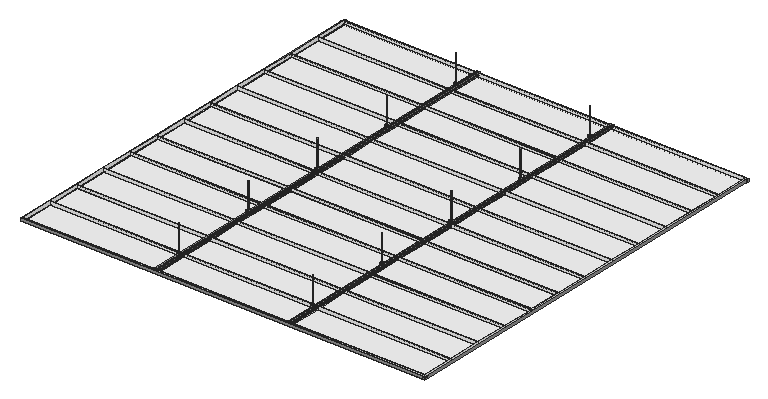
Revit family "FalsoTecho_THU_Bandeja-Sicilia_Estructura simple", category Modelos genéricos, Revit 2016
Family settings
  Tipo de pieza = Normal
  Puede alojar armadura = No
  Cota de conector redondo = Diámetro de uso
  Se basa en plano de trabajo = Sí
  Siempre vertical = No
  Corte con vacíos al cargar = Sí
  Compartido = Sí
  Punto de cálculo de habitación = No
Parameters (values of type "Acero_300x1200")
  Tirantes_Separación real [instance] = (Falso techo_Longitud real - (Tirante inicial_Distancia a extremo * 2)) / (Tirantes_Recuento - 1)  # 775 mm
  Tirantes_Recuento [instance] = (Falso techo_Longitud real - (Tirante inicial_Distancia a extremo * 2)) / Tirante_Separación aproximada + 2  # 5
  Tirante_Separación aproximada [instance] = 1000 mm  # constant formula
  Tirante_Longitud [instance] = THU_Falso techo_Plenum altura + Solape_Perfil y tirante  # 257 mm
  Tirante inicial_Distancia a extremo [instance] = if(Bandejas_Recuento longitudinal < 2, 25 mm, 250 mm)  # 250 mm
  THU_Velo [instance] = no
  THU_Subestructura_Material = "Acero galvanizado"
  THU_Subestructura_Color = THU_Acero galvanizado
  THU_Reacción al fuego = "A2, s1-d0"
  THU_Perfil primario = Perfil_THU_Triangulo : Perfil Triangulo Oculto-Primario
  THU_Falso techo_Área [instance] = Falso techo_Longitud real * Falso techo_Anchura real  # 12.96 m²
  THU_Falso techo_Plenum altura [instance] = 250 mm
  THU_Falso techo_Longitud [instance] = 3500 mm
  THU_Falso techo_Anchura [instance] = 3500 mm
  THU_Falso techo_Altura libre [instance] = 2500 mm
  THU_Bandeja_Material = "Acero"
  THU_Bandeja_Color [instance] = THU_Blanco-Mate
  THU_Bandeja = Bandeja_THU_Sicilia : Acero_300x1200
  THU_Acabado [instance] = Acabado_THU_Bandejas : Liso
  Solape_Perfil y tirante = 7 mm  # constant formula
  Página web del producto = "http://thu.es/producto/bandeja-sicilia-clip-in/"
  Página web del fabricante = "http://thu.es/"
  Perfiles secundarios_Recuento [instance] = Bandejas_Recuento longitudinal - 1  # 11
  Perfiles primarios_Recuento [instance] = Bandejas_Recuento transversal - 1  # 2
  Perfiles perimetrales_Desfase altura = 1 mm  # constant formula
  Perfil_Altura = 30 mm  # constant formula
  Perfil secundario_Longitud [instance] = Falso techo_Anchura real  # 3600 mm
  Perfil secundario_Intereje = 300 mm
  Perfil primario_Longitud [instance] = Falso techo_Longitud real  # 3600 mm
  Perfil primario_Intereje = 1200 mm
  Perfil perimetral_Perfil cornisa [instance] = Perfiles perimetrales_THU : (D)_Perfil cornisa
  Perfil perimetral_L24x24 [instance] = Perfiles perimetrales_THU : (A)_L24x24
  Perfil perimetral_Angular PVC [instance] = Perfiles perimetrales_THU : (F)_Angular PVC
  Perfil perimetral_Anchura [instance] = if(A_L24x24, 24 mm, if(D_Perfil cornisa, 18 mm, if(F_Angular PVC, 28 mm, 24 mm)))  # 24 mm
  Perfil perimetral trans_Longitud [instance] = Perfil secundario_Longitud + (Perfil perimetral_Distancia a bandeja * 2)  # 3624 mm
  Perfil perimetral long_Longitud [instance] = Falso techo_Longitud real - ((Perfil perimetral_Anchura - Perfil perimetral_Distancia a bandeja) * 2)  # 3576 mm
  Perfil perimetral 04 [instance] = yes
  Perfil perimetral 03 [instance] = yes
  Perfil perimetral 02 [instance] = yes
  Perfil perimetral_Distancia a bandeja [instance] = Perfil perimetral_Anchura / 2  # 12 mm
  Perfil perimetral 01 [instance] = yes
  Perfil perimetral [instance] = if(A_L24x24, Perfil perimetral_L24x24, if(D_Perfil cornisa, Perfil perimetral_Perfil cornisa, if(F_Angular PVC, Perfil perimetral_Angular PVC, Perfil perimetral_L24x24)))  # Perfiles perimetrales_THU : (A)_L24x24
  Omniclass = "23-15 19 23 11"
  Número de edición (versión) = 0
  Nombre del objeto = "Bandeja Sicilia"
  NBS Reference Description = "Board suspended ceiling system"
  NBS Reference = "20-10-10/110"
  Model = ""
  Marca = "THU"
  Manual de montaje = ""
  IFC Classification = "IfcCovering (CEILING)"
  Grupo del producto = "Bandejas"
  Ficha técnica = ""
  Ficha resumen = "http://thu.es/wp-content/uploads/datasheets/THU_Techos_metalicos_Bandeja_Sicilia_Clip-in.pdf"
  Fecha de publicación del objeto BIM = ""
  Famila del producto = "Techos metálicos"
  Falso techo_Longitud real [instance] = ((Perfil secundario_Intereje * Bandejas_Recuento longitudinal) - Bandejas_Separación)  # 3600 mm
  Falso techo_Grosor = Bandeja_Descuelgue + Perfil_Altura  # 39 mm
  Falso techo_Anchura real [instance] = ((Perfil primario_Intereje * Bandejas_Recuento transversal) - Bandejas_Separación)  # 3600 mm
  Fabricante = "THU Perfil S.L."
  F_Angular PVC [instance] = no
  Default Elevation = 0 mm
  Descripción = "Bandeja THU de ancho 300 mm y de longitud variable según necesidades (longitud máxima de 2,5 metros) y registrable en cualquier punto. El techo Murano se monta con perfileria oculta THU Murano y rematada perimetralmente sobre angulares de 24 mm. El perfil Murano de 28 mm de ancho y 3,70 m de longitud, fabricado con fleje de acero galvanizado, presenta unas pequeñas alas verticales especialmente diseñadas para el correcto alojamiento de las bandejas Murano."
  Declaración de prestaciones = ""
  D_Perfil cornisa [instance] = no
  Comentarios de tipo = "Bandejas Techo Murano, para ser montadas en interior de edificios con perfilería THU Murano."
  COBie Type Category = "L387 : Suspended ceilings"
  Bandejas_Recuento transversal [instance] = THU_Falso techo_Anchura / Perfil primario_Intereje  # 3
  Bandejas_Recuento longitudinal [instance] = THU_Falso techo_Longitud / Perfil secundario_Intereje  # 12
  Bandejas_Recuento [instance] = Bandejas_Recuento longitudinal * Bandejas_Recuento transversal  # 36
  Bandejas_Separación = 0 mm  # constant formula
  Bandeja_Longitud = Perfil secundario_Intereje - Bandejas_Separación  # 300 mm
  Bandeja_Grosor = 27.6 mm  # constant formula
  Bandeja_Espesor = 1 mm  # constant formula
  Bandeja_Descuelgue = 9 mm  # constant formula
  Bandeja_Anchura = Perfil primario_Intereje - Bandejas_Separación  # 1200 mm
  Bandeja_Desfase inicial = Bandejas_Separación / 2  # 0 mm
  A_L24x24 [instance] = yes
Types (7, lengths in mm): name | THU_Bandeja_Material | THU_Bandeja | Perfiles secundarios_Recuento | Perfiles primarios_Recuento | Perfil secundario_Intereje | Perfil primario_Intereje | Bandejas_Recuento transversal | Bandejas_Recuento longitudinal | Bandejas_Recuento | Bandeja_Longitud | Bandeja_Anchura
  (no name) | "Acero" | Bandeja_THU_Sicilia : Acero_300x1200 | 11 | 2 | 300 | 1200 | 3 | 12 | 36 | 300 | 1200
  Acero_600x600 | "Acero" | Bandeja_THU_Sicilia : Acero_600x600 | 5 | 5 | 600 | 600 | 6 | 6 | 36 | 600 | 600
  Acero_600x1200 | "Acero" | Bandeja_THU_Sicilia : Acero_600x1200 | 5 | 2 | 600 | 1200 | 3 | 6 | 18 | 600 | 1200
  Acero_300x1200 | "Acero" | Bandeja_THU_Sicilia : Acero_300x1200 | 11 | 2 | 300 | 1200 | 3 | 12 | 36 | 300 | 1200
  Aluminio_600x600 | "Aluminio" | Bandeja_THU_Sicilia : Aluminio_600x600 | 5 | 5 | 600 | 600 | 6 | 6 | 36 | 600 | 600
  Aluminio_300x1200 | "Aluminio" | Bandeja_THU_Sicilia : Aluminio_300x1200 | 11 | 2 | 300 | 1200 | 3 | 12 | 36 | 300 | 1200
  Aluminio_600x1200 | "Aluminio" | Bandeja_THU_Sicilia : Aluminio_600x1200 | 5 | 2 | 600 | 1200 | 3 | 6 | 18 | 600 | 1200
Reference planes
  plane 1 "Centro (Frontal/Posterior)": y = 0
  plane 2: z = 0
  plane 3 "Centro (Izquierda/Derecha)": x = 0
  plane 4 "Bandejas_Límite inferior": z = 2500
  plane 5 "Perfiles_Límite inferior": z = 2509
  plane 6 "Perfiles_Límite superior": z = 2539
  plane 7 "Plano de apoyo longitudinal_Separación rastreles": x = 0
  plane 8 "Plano de apoyo transversal_Separación rastreles": y = 0
  plane 9 "Tirantes_Parte superior": z = 2789
  plane 10 "Tirantes_Parte inferior": z = 2532
  plane 11 "Falso techo_Límite derecho": x = 3500
  plane 12 "Falso techo_Límite superior": y = 3500
  plane 13 "Falso techo_Longitud real": y = 3600
  plane 14 "Falso techo_Anchura real": x = 3600
  plane 15 "Perfiles perimetrales_Límite inferior": z = 2499
Text (mm)
  text "AVISO:  La longitud máxima de la Bandeja Murano no puede exceder de 2.5 m. " at (651.206, 393.559, 0), in view "Nivel de referencia", not visible
Dimensions and locks
  "THU_Falso techo_Altura libre": plane 4 "Bandejas_Límite inferior" to level
  "Bandeja_Descuelgue": plane 5 "Perfiles_Límite inferior" to plane 4 "Bandejas_Límite inferior"
  "Perfil_Altura": plane 6 "Perfiles_Límite superior" to plane 5 "Perfiles_Límite inferior"
  "Bandeja_Desfase inicial": plane 7 "Plano de apoyo longitudinal_Separación rastreles" to plane 3 "Centro (Izquierda/Derecha)"
  "Bandeja_Desfase inicial": plane 1 "Centro (Frontal/Posterior)" to plane 8 "Plano de apoyo transversal_Separación rastreles"
  "Solape_Perfil y tirante": plane 6 "Perfiles_Límite superior" to plane 10 "Tirantes_Parte inferior"
  "THU_Falso techo_Plenum altura": plane 9 "Tirantes_Parte superior" to plane 6 "Perfiles_Límite superior"
  "THU_Falso techo_Anchura": plane 7 "Plano de apoyo longitudinal_Separación rastreles" to plane 11 "Falso techo_Límite derecho"
  "THU_Falso techo_Longitud": plane 12 "Falso techo_Límite superior" to plane 8 "Plano de apoyo transversal_Separación rastreles"
  equal spacing: group 3, group 4, group 5, group 6, group 9, group 10, group 11, group 12, group 13, group 14, group 15, group 16  (x3)
  "Bandejas_Separación": nested 3 to nested 2
  group 7 to group 8 = 1200 mm
  group 7 to group 8 = 0 mm  (x2)
  "Perfil primario_Intereje": plane 7 "Plano de apoyo longitudinal_Separación rastreles" to nested 6
  "Perfil primario_Intereje": nested 6 to nested 7
  "Falso techo_Longitud real": plane 1 "Centro (Frontal/Posterior)" to plane 13 "Falso techo_Longitud real"
  "Falso techo_Anchura real": plane 3 "Centro (Izquierda/Derecha)" to plane 14 "Falso techo_Anchura real"
  "Perfil perimetral_Distancia a bandeja": nested 10 to plane 3 "Centro (Izquierda/Derecha)"
  "Perfil perimetral_Distancia a bandeja": nested 10 to plane 1 "Centro (Frontal/Posterior)"
  "Perfil perimetral_Distancia a bandeja": plane 14 "Falso techo_Anchura real" to nested 11
  "Perfil perimetral_Distancia a bandeja": nested 12 to plane 13 "Falso techo_Longitud real"
  "Perfil perimetral_Distancia a bandeja": nested 12 to plane 3 "Centro (Izquierda/Derecha)"
  "Perfiles perimetrales_Desfase altura": plane 4 "Bandejas_Límite inferior" to plane 15 "Perfiles perimetrales_Límite inferior"
  aligned and locked: level to plane 2
  aligned and locked: plane 3 "Centro (Izquierda/Derecha)" to nested 2
  aligned and locked: plane 1 "Centro (Frontal/Posterior)" to nested 2
  aligned and locked: plane 1 "Centro (Frontal/Posterior)" to nested 6
  aligned and locked: nested 6 to plane 5 "Perfiles_Límite inferior"
  aligned and locked: nested 7 to plane 5 "Perfiles_Límite inferior"
  aligned and locked: plane 4 "Bandejas_Límite inferior" to nested 2
  aligned and locked: plane 4 "Bandejas_Límite inferior" to nested 3
  aligned and locked: nested 10 to nested 13
  aligned and locked: nested 13 to nested 10
  aligned and locked: nested 11 to nested 10
Nested families
  nested 1: "Bandeja_THU_Sicilia" at (300, 300, 2500), type <- "THU_Bandeja", type "Acero_300x1200", not visible
    with Vacio_Desfase vertical 1 mm, Vacio_Desfase horizontal der 599 mm, THU_Recuento (ud) 2, THU_Material "Acero", THU_Color none, Bandejas_Separación 0 mm, Bandejas_Recuento transversal 2, Bandeja_Longitud 300 mm, Bandeja_Grosor 34.5 mm, Bandeja_Anchura 600 mm
  nested 2: "Bandeja_THU_Sicilia" at (0, 0, 2500), Bandeja_Anchura <- "Bandeja_Anchura", THU_Color <- "THU_Bandeja_Color", THU_Material <- "THU_Subestructura_Material", Bandeja_Grosor <- "Bandeja_Grosor", Bandeja_Longitud <- "Bandeja_Longitud", Bandejas_Separación <- "Bandejas_Separación", Vacio_Desfase vertical <- "Bandeja_Espesor", Bandejas_Recuento transversal <- "Bandejas_Recuento transversal", type <- "THU_Bandeja", type "Acero_300x1200"
    with Vacio_Desfase vertical 1 mm, Vacio_Desfase horizontal der 1199 mm, THU_Recuento (ud) 3, THU_Material "Acero galvanizado", THU_Color THU_Blanco-Mate, Bandejas_Separación 0 mm, Bandejas_Recuento transversal 3, Bandeja_Longitud 300 mm, Bandeja_Grosor 27.6 mm, Bandeja_Anchura 1200 mm
  nested 3: "Bandeja_THU_Sicilia" at (0, 300, 2500), Bandeja_Anchura <- "Bandeja_Anchura", THU_Color <- "THU_Bandeja_Color", THU_Material <- "THU_Subestructura_Material", Bandeja_Grosor <- "Bandeja_Grosor", Bandeja_Longitud <- "Bandeja_Longitud", Bandejas_Separación <- "Bandejas_Separación", Vacio_Desfase vertical <- "Bandeja_Espesor", Bandejas_Recuento transversal <- "Bandejas_Recuento transversal", type <- "THU_Bandeja", type "Acero_300x1200"
    with Vacio_Desfase vertical 1 mm, Vacio_Desfase horizontal der 1199 mm, THU_Recuento (ud) 3, THU_Material "Acero galvanizado", THU_Color THU_Blanco-Mate, Bandejas_Separación 0 mm, Bandejas_Recuento transversal 3, Bandeja_Longitud 300 mm, Bandeja_Grosor 27.6 mm, Bandeja_Anchura 1200 mm
  nested 4: "Bandeja_THU_Sicilia" at (0, 600, 2500), Bandeja_Anchura <- "Bandeja_Anchura", THU_Color <- "THU_Bandeja_Color", THU_Material <- "THU_Subestructura_Material", Bandeja_Grosor <- "Bandeja_Grosor", Bandeja_Longitud <- "Bandeja_Longitud", Bandejas_Separación <- "Bandejas_Separación", Vacio_Desfase vertical <- "Bandeja_Espesor", Bandejas_Recuento transversal <- "Bandejas_Recuento transversal", type <- "THU_Bandeja", type "Acero_300x1200"
    with Vacio_Desfase vertical 1 mm, Vacio_Desfase horizontal der 1199 mm, THU_Recuento (ud) 3, THU_Material "Acero galvanizado", THU_Color THU_Blanco-Mate, Bandejas_Separación 0 mm, Bandejas_Recuento transversal 3, Bandeja_Longitud 300 mm, Bandeja_Grosor 27.6 mm, Bandeja_Anchura 1200 mm
  nested 5: "Bandeja_THU_Sicilia" at (0, 900, 2500), Bandeja_Anchura <- "Bandeja_Anchura", THU_Color <- "THU_Bandeja_Color", THU_Material <- "THU_Subestructura_Material", Bandeja_Grosor <- "Bandeja_Grosor", Bandeja_Longitud <- "Bandeja_Longitud", Bandejas_Separación <- "Bandejas_Separación", Vacio_Desfase vertical <- "Bandeja_Espesor", Bandejas_Recuento transversal <- "Bandejas_Recuento transversal", type <- "THU_Bandeja", type "Acero_300x1200"
    with Vacio_Desfase vertical 1 mm, Vacio_Desfase horizontal der 1199 mm, THU_Recuento (ud) 3, THU_Material "Acero galvanizado", THU_Color THU_Blanco-Mate, Bandejas_Separación 0 mm, Bandejas_Recuento transversal 3, Bandeja_Longitud 300 mm, Bandeja_Grosor 27.6 mm, Bandeja_Anchura 1200 mm
  nested 6: "Perfil_THU_Triangulo" at (1200, 0, 2509), Tirante inicial_Distancia a extremo <- "Tirante inicial_Distancia a extremo", Tirante_Longitud <- "Tirante_Longitud", Tirantes_Recuento <- "Tirantes_Recuento", THU_Color <- "THU_Subestructura_Color", THU_Material <- "THU_Subestructura_Material", Perfil_Longitud <- "Perfil primario_Longitud", Perfil_Altura <- "Perfil_Altura", type <- "THU_Perfil primario", type "Perfil Triangulo Oculto-Primario"
    with Tirantes_Recuento 5, Tirante_Longitud 257 mm, Tirante inicial_Distancia a extremo 250 mm, THU_Recuento (ml) 3600 mm, THU_Material "Acero galvanizado", THU_Color THU_Acero galvanizado, Perfil_Longitud 3600 mm, Perfil_Grosor superior 10.3 mm, Perfil_Grosor base 1 mm, Perfil_Altura alma 18.7 mm, Perfil_Altura 30 mm
  nested 7: "Perfil_THU_Triangulo" at (2400, 0, 2509), Tirante inicial_Distancia a extremo <- "Tirante inicial_Distancia a extremo", Tirante_Longitud <- "Tirante_Longitud", Tirantes_Recuento <- "Tirantes_Recuento", THU_Color <- "THU_Subestructura_Color", THU_Material <- "THU_Subestructura_Material", Perfil_Longitud <- "Perfil primario_Longitud", Perfil_Altura <- "Perfil_Altura", type <- "THU_Perfil primario", type "Perfil Triangulo Oculto-Primario"
    with Tirantes_Recuento 5, Tirante_Longitud 257 mm, Tirante inicial_Distancia a extremo 250 mm, THU_Recuento (ml) 3600 mm, THU_Material "Acero galvanizado", THU_Color THU_Acero galvanizado, Perfil_Longitud 3600 mm, Perfil_Grosor superior 10.3 mm, Perfil_Grosor base 1 mm, Perfil_Altura alma 18.7 mm, Perfil_Altura 30 mm
  nested 8: "Bandeja_THU_Sicilia" at (0, 1200, 2500), Bandeja_Anchura <- "Bandeja_Anchura", THU_Color <- "THU_Bandeja_Color", THU_Material <- "THU_Subestructura_Material", Bandeja_Grosor <- "Bandeja_Grosor", Bandeja_Longitud <- "Bandeja_Longitud", Bandejas_Separación <- "Bandejas_Separación", Vacio_Desfase vertical <- "Bandeja_Espesor", Bandejas_Recuento transversal <- "Bandejas_Recuento transversal", type <- "THU_Bandeja", type "Acero_300x1200"
    with Vacio_Desfase vertical 1 mm, Vacio_Desfase horizontal der 1199 mm, THU_Recuento (ud) 3, THU_Material "Acero galvanizado", THU_Color THU_Blanco-Mate, Bandejas_Separación 0 mm, Bandejas_Recuento transversal 3, Bandeja_Longitud 300 mm, Bandeja_Grosor 27.6 mm, Bandeja_Anchura 1200 mm
  nested 9: "Bandeja_THU_Sicilia" at (0, 1500, 2500), Bandeja_Anchura <- "Bandeja_Anchura", THU_Color <- "THU_Bandeja_Color", THU_Material <- "THU_Subestructura_Material", Bandeja_Grosor <- "Bandeja_Grosor", Bandeja_Longitud <- "Bandeja_Longitud", Bandejas_Separación <- "Bandejas_Separación", Vacio_Desfase vertical <- "Bandeja_Espesor", Bandejas_Recuento transversal <- "Bandejas_Recuento transversal", type <- "THU_Bandeja", type "Acero_300x1200"
    with Vacio_Desfase vertical 1 mm, Vacio_Desfase horizontal der 1199 mm, THU_Recuento (ud) 3, THU_Material "Acero galvanizado", THU_Color THU_Blanco-Mate, Bandejas_Separación 0 mm, Bandejas_Recuento transversal 3, Bandeja_Longitud 300 mm, Bandeja_Grosor 27.6 mm, Bandeja_Anchura 1200 mm
  nested 10: "Perfiles perimetrales_THU" at (-12, -12, 2499) x (0, 1, 0) z (0, 0, 1), THU_Color <- "THU_Subestructura_Color", THU_Material <- "THU_Subestructura_Material", Perfil_Anchura <- "Perfil perimetral_Anchura", type <- "Perfil perimetral", visible <- "Perfil perimetral 01", Perfil_Longitud <- "Perfil perimetral trans_Longitud", type "(A)_L24x24"
    with THU_Recuento (ml) 3624 mm, THU_Material "Acero galvanizado", THU_Color THU_Acero galvanizado, Perfil_Longitud 3624 mm, Perfil_Anchura 24 mm
  nested 11: "Perfiles perimetrales_THU" at (3612, 12, 2499) x (-1, 0, 0) z (0, 0, 1), THU_Color <- "THU_Subestructura_Color", THU_Material <- "THU_Subestructura_Material", Perfil_Anchura <- "Perfil perimetral_Anchura", type <- "Perfil perimetral", visible <- "Perfil perimetral 02", Perfil_Longitud <- "Perfil perimetral long_Longitud", type "(A)_L24x24"
    with THU_Recuento (ml) 3576 mm, THU_Material "Acero galvanizado", THU_Color THU_Acero galvanizado, Perfil_Longitud 3576 mm, Perfil_Anchura 24 mm
  nested 12: "Perfiles perimetrales_THU" at (-12, 3612, 2499) x (0, -1, 0) z (0, 0, 1), THU_Color <- "THU_Subestructura_Color", THU_Material <- "THU_Subestructura_Material", Perfil_Anchura <- "Perfil perimetral_Anchura", type <- "Perfil perimetral", visible <- "Perfil perimetral 03", Perfil_Longitud <- "Perfil perimetral trans_Longitud", type "(A)_L24x24"
    with THU_Recuento (ml) 3624 mm, THU_Material "Acero galvanizado", THU_Color THU_Acero galvanizado, Perfil_Longitud 3624 mm, Perfil_Anchura 24 mm
  nested 13: "Perfiles perimetrales_THU" at (-12, 12, 2499), THU_Color <- "THU_Subestructura_Color", THU_Material <- "THU_Subestructura_Material", Perfil_Anchura <- "Perfil perimetral_Anchura", type <- "Perfil perimetral", visible <- "Perfil perimetral 04", Perfil_Longitud <- "Perfil perimetral long_Longitud", type "(A)_L24x24"
    with THU_Recuento (ml) 3576 mm, THU_Material "Acero galvanizado", THU_Color THU_Acero galvanizado, Perfil_Longitud 3576 mm, Perfil_Anchura 24 mm
  nested 14: "Bandeja_THU_Sicilia" at (0, 1800, 2500), Bandeja_Anchura <- "Bandeja_Anchura", THU_Color <- "THU_Bandeja_Color", THU_Material <- "THU_Subestructura_Material", Bandeja_Grosor <- "Bandeja_Grosor", Bandeja_Longitud <- "Bandeja_Longitud", Bandejas_Separación <- "Bandejas_Separación", Vacio_Desfase vertical <- "Bandeja_Espesor", Bandejas_Recuento transversal <- "Bandejas_Recuento transversal", type <- "THU_Bandeja", type "Acero_300x1200"
    with Vacio_Desfase vertical 1 mm, Vacio_Desfase horizontal der 1199 mm, THU_Recuento (ud) 3, THU_Material "Acero galvanizado", THU_Color THU_Blanco-Mate, Bandejas_Separación 0 mm, Bandejas_Recuento transversal 3, Bandeja_Longitud 300 mm, Bandeja_Grosor 27.6 mm, Bandeja_Anchura 1200 mm
  nested 15: "Bandeja_THU_Sicilia" at (0, 2100, 2500), Bandeja_Anchura <- "Bandeja_Anchura", THU_Color <- "THU_Bandeja_Color", THU_Material <- "THU_Subestructura_Material", Bandeja_Grosor <- "Bandeja_Grosor", Bandeja_Longitud <- "Bandeja_Longitud", Bandejas_Separación <- "Bandejas_Separación", Vacio_Desfase vertical <- "Bandeja_Espesor", Bandejas_Recuento transversal <- "Bandejas_Recuento transversal", type <- "THU_Bandeja", type "Acero_300x1200"
    with Vacio_Desfase vertical 1 mm, Vacio_Desfase horizontal der 1199 mm, THU_Recuento (ud) 3, THU_Material "Acero galvanizado", THU_Color THU_Blanco-Mate, Bandejas_Separación 0 mm, Bandejas_Recuento transversal 3, Bandeja_Longitud 300 mm, Bandeja_Grosor 27.6 mm, Bandeja_Anchura 1200 mm
  nested 16: "Bandeja_THU_Sicilia" at (0, 2400, 2500), Bandeja_Anchura <- "Bandeja_Anchura", THU_Color <- "THU_Bandeja_Color", THU_Material <- "THU_Subestructura_Material", Bandeja_Grosor <- "Bandeja_Grosor", Bandeja_Longitud <- "Bandeja_Longitud", Bandejas_Separación <- "Bandejas_Separación", Vacio_Desfase vertical <- "Bandeja_Espesor", Bandejas_Recuento transversal <- "Bandejas_Recuento transversal", type <- "THU_Bandeja", type "Acero_300x1200"
    with Vacio_Desfase vertical 1 mm, Vacio_Desfase horizontal der 1199 mm, THU_Recuento (ud) 3, THU_Material "Acero galvanizado", THU_Color THU_Blanco-Mate, Bandejas_Separación 0 mm, Bandejas_Recuento transversal 3, Bandeja_Longitud 300 mm, Bandeja_Grosor 27.6 mm, Bandeja_Anchura 1200 mm
  nested 17: "Bandeja_THU_Sicilia" at (0, 2700, 2500), Bandeja_Anchura <- "Bandeja_Anchura", THU_Color <- "THU_Bandeja_Color", THU_Material <- "THU_Subestructura_Material", Bandeja_Grosor <- "Bandeja_Grosor", Bandeja_Longitud <- "Bandeja_Longitud", Bandejas_Separación <- "Bandejas_Separación", Vacio_Desfase vertical <- "Bandeja_Espesor", Bandejas_Recuento transversal <- "Bandejas_Recuento transversal", type <- "THU_Bandeja", type "Acero_300x1200"
    with Vacio_Desfase vertical 1 mm, Vacio_Desfase horizontal der 1199 mm, THU_Recuento (ud) 3, THU_Material "Acero galvanizado", THU_Color THU_Blanco-Mate, Bandejas_Separación 0 mm, Bandejas_Recuento transversal 3, Bandeja_Longitud 300 mm, Bandeja_Grosor 27.6 mm, Bandeja_Anchura 1200 mm
  nested 18: "Bandeja_THU_Sicilia" at (0, 3000, 2500), Bandeja_Anchura <- "Bandeja_Anchura", THU_Color <- "THU_Bandeja_Color", THU_Material <- "THU_Subestructura_Material", Bandeja_Grosor <- "Bandeja_Grosor", Bandeja_Longitud <- "Bandeja_Longitud", Bandejas_Separación <- "Bandejas_Separación", Vacio_Desfase vertical <- "Bandeja_Espesor", Bandejas_Recuento transversal <- "Bandejas_Recuento transversal", type <- "THU_Bandeja", type "Acero_300x1200"
    with Vacio_Desfase vertical 1 mm, Vacio_Desfase horizontal der 1199 mm, THU_Recuento (ud) 3, THU_Material "Acero galvanizado", THU_Color THU_Blanco-Mate, Bandejas_Separación 0 mm, Bandejas_Recuento transversal 3, Bandeja_Longitud 300 mm, Bandeja_Grosor 27.6 mm, Bandeja_Anchura 1200 mm
  nested 19: "Bandeja_THU_Sicilia" at (0, 3300, 2500), Bandeja_Anchura <- "Bandeja_Anchura", THU_Color <- "THU_Bandeja_Color", THU_Material <- "THU_Subestructura_Material", Bandeja_Grosor <- "Bandeja_Grosor", Bandeja_Longitud <- "Bandeja_Longitud", Bandejas_Separación <- "Bandejas_Separación", Vacio_Desfase vertical <- "Bandeja_Espesor", Bandejas_Recuento transversal <- "Bandejas_Recuento transversal", type <- "THU_Bandeja", type "Acero_300x1200"
    with Vacio_Desfase vertical 1 mm, Vacio_Desfase horizontal der 1199 mm, THU_Recuento (ud) 3, THU_Material "Acero galvanizado", THU_Color THU_Blanco-Mate, Bandejas_Separación 0 mm, Bandejas_Recuento transversal 3, Bandeja_Longitud 300 mm, Bandeja_Grosor 27.6 mm, Bandeja_Anchura 1200 mm
Definition of nested family "Bandeja_THU_Sicilia"
  Parameters (values of type "Acero_300x1200")
    THU_Recuento (ud) [instance] = Bandejas_Recuento transversal  # 2
    THU_Mediciones = 1 < 2  # yes
    THU_Material [instance] = "Acero"
    THU_Color [instance] = none
    Vacio_Desfase horizontal der [instance] = Bandeja_Anchura - (Vacio_Desfase horizontal)  # 1199 mm
    Nombre del objeto = "Sicilia 300x1200"
    Default Elevation = 0 mm
    Vacio_Desfase vertical [instance] = 1 mm
    Bandeja_Inicio extrusión = 0 mm  # constant formula
    Vacio_Desfase horizontal = 1 mm
    Bandejas_Recuento transversal [instance] = 2
    Bandejas_Separación [instance] = 0 mm
    Bandeja_Longitud [instance] = 300 mm
    Bandeja_Grosor [instance] = 27.6 mm
    Bandeja_Anchura [instance] = 1200 mm
  Types (6, lengths in mm): name | THU_Material | Vacio_Desfase horizontal der | Nombre del objeto | Bandeja_Longitud | Bandeja_Anchura
    Acero_600x600 | "Acero" | 599 | "Sicilia 600x600" | 600 | 600
    Acero_300x1200 | "Acero" | 1199 | "Sicilia 300x1200" | 300 | 1200
    Acero_600x1200 | "Acero" | 1199 | "Sicilia 600x1200" | 600 | 1200
    Aluminio_600x1200 | "Aluminio" | 1199 | "Sicilia 600x1200" | 600 | 1200
    Aluminio_600x600 | "Aluminio" | 599 | "Sicilia 600x600" | 600 | 600
    Aluminio_300x1200 | "Aluminio" | 1199 | "Sicilia 300x1200" | 300 | 1200
  Reference planes
    plane 1 "Centro (Frontal/Posterior)": y = 0
    plane 2: z = 0
    plane 3 "Centro (Izquierda/Derecha)": x = 0
  Forms (mm)
    Extrusion 1, solid, material <- "THU_Color"
      sketch origin (0, 0, 0) x (1, 0, 0) y (0, 1, 0)
        loop
          line (0, 0) -> (1200, 0) -> (1200, 300) -> (0, 300) -> (0, 0)
      from 0 <- "Bandeja_Inicio extrusión" to 27.6 <- "Bandeja_Grosor"
    Extrusion 2, void
      sketch origin (0, 0, 0) x (1, 0, 0) y (0, 1, 0)
        loop
          line (1, 299) -> (1, 1) -> (1199, 1) -> (1199, 299) -> (1, 299)
      from 1 <- "Vacio_Desfase vertical" to 27.6 <- "Bandeja_Grosor"
    Extrusion 3, solid, material <- "THU_Color"
      sketch origin (1200, 0, 0) x (1, 0, 0) y (0, 1, 0)
        loop
          line (0, 0) -> (1200, 0) -> (1200, 300) -> (0, 300) -> (0, 0)
      from 0 <- "Bandeja_Inicio extrusión" to 27.6 <- "Bandeja_Grosor"
    Extrusion 4, void
      sketch origin (1200, 0, 0) x (1, 0, 0) y (0, 1, 0)
        loop
          line (1, 299) -> (1, 1) -> (1199, 1) -> (1199, 299) -> (1, 299)
      from 1 <- "Vacio_Desfase vertical" to 27.6 <- "Bandeja_Grosor"
  Cuts and joins
    Extrusion 2, Extrusion 4 cuts Extrusion 1
    Extrusion 4 cuts Extrusion 3
  Lines and regions (mm)
    reference lines
      curve 1: line (0, 0, 0) -> (0, 600, 0)
      curve 2: line (0, 0, 0) -> (600, 0, 0)
      curve 3: line (600, 0, 0) -> (1200, 0, 0)
      curve 4: line (1200, 0, 0) -> (1200, 600, 0)
      curve 5: line (1200, 0, 0) -> (1800, 0, 0)
  Dimensions and locks
    "Bandeja_Anchura": curve 1 to Extrusion 1 sketch curve
    "Bandeja_Longitud": Extrusion 1 sketch curve to curve 2
    "Vacio_Desfase horizontal": curve 1 to Extrusion 2 sketch curve
    "Vacio_Desfase horizontal": Extrusion 2 sketch curve to curve 2
    "Vacio_Desfase horizontal der": curve 1 to Extrusion 2 sketch curve
    "Vacio_Desfase horizontal": Extrusion 2 sketch curve to Extrusion 1
    "Bandeja_Anchura": curve 4 to Extrusion 3 sketch curve
    "Bandeja_Longitud": Extrusion 3 sketch curve to curve 5
    "Vacio_Desfase horizontal": curve 4 to Extrusion 4 sketch curve
    "Vacio_Desfase horizontal": Extrusion 4 sketch curve to curve 5
    "Vacio_Desfase horizontal der": curve 4 to Extrusion 4 sketch curve
    "Vacio_Desfase horizontal": Extrusion 4 sketch curve to Extrusion 3
    group 1 to group 2 = 1200 mm
    group 1 to group 2 = 0 mm  (x2)
    "Bandejas_Separación": cut or joined group of Extrusion 1, Extrusion 2, Extrusion 4 to curve 4
    aligned and locked: level to plane 2
    aligned and locked: Extrusion 1 sketch curve to curve 1
    aligned and locked: Extrusion 1 sketch curve to curve 2
    aligned and locked: Extrusion 3 sketch curve to curve 4
    aligned and locked: Extrusion 3 sketch curve to curve 5
  Automatic sketch dimensions
    curve 3 to curve 3 = 600 mm
    plane 3 "Centro (Izquierda/Derecha)" to curve 3 = 600 mm
    plane 1 "Centro (Frontal/Posterior)" to curve 3 = 0 mm
Definition of nested family "Perfil_THU_Triangulo"
  Parameters (values of type "Perfil Triangulo Oculto-Secundario")
    Tirantes_Recuento [instance] = 2
    Tirantes = no
    Tirante_Longitud [instance] = 250 mm
    Tirante inicial_Distancia a extremo [instance] = 250 mm
    THU_Recuento (ml) [instance] = Perfil_Longitud  # 1000 mm
    THU_Mediciones = 1 < 2  # yes
    THU_Material [instance] = "Acero galvanizado"
    THU_Color [instance] = none
    Perfil_Longitud [instance] = 1000 mm
    Perfil_Anchura base = 28 mm  # constant formula
    Perfil_Grosor base [instance] = 1 mm  # constant formula
    Perfil_Anchura superior = 6.8 mm  # constant formula
    Perfil_Altura [instance] = 30 mm
    Nombre del objeto = "Perfil Triangulo Oculto"
    Default Elevation = 0 mm
    Perfil_Grosor alma = 1 mm  # constant formula
    Perfil_Grosor superior [instance] = 10.3 mm  # constant formula
    Perfil_Altura alma [instance] = Perfil_Altura - (Perfil_Grosor base + Perfil_Grosor superior)  # 18.7 mm
  Types (2, lengths in mm): name | Tirantes
    Perfil Triangulo Oculto-Primario | yes
    Perfil Triangulo Oculto-Secundario | no
  Reference planes
    plane 1 "Centro (Frontal/Posterior)": y = 0
    plane 2: z = 0
    plane 3 "Centro (Izquierda/Derecha)": x = 0
    plane 4 "Perfil_Cara superior": z = 30
  Forms (mm)
    Extrusion 1, solid, material <- "THU_Color", detail levels medium+fine
      sketch origin (0, 0, 47.063) x (1, 0, 0) y (0, 0, -1)
        loop
          line (-13, 17.063) -> (13, 17.063) -> (13, 18.063) -> (7.921, 18.063) -> (1.23, 34.382) -> (1.23, 40.083) -> (5.567, 47.063) -> (4.413, 47.063) -> (0.23, 40.369) -> (0.23, 34.185) -> (6.84, 18.063) -> (-6.84, 18.063) -> (-0.23, 34.185) -> (-0.23, 40.369) -> (-4.413, 47.063) -> (-5.567, 47.063) -> (-1.23, 40.083) -> (-1.23, 34.382) -> (-7.921, 18.063) -> (-13, 18.063) -> (-13, 17.063)
      from 0 to 1000
  Lines and regions (mm)
    reference lines
      curve 1: line (-15, 0, 0) -> (15, 0, 0)
  Dimensions and locks
    "Perfil_Longitud": Extrusion 1 to Extrusion 1
    "Tirante inicial_Distancia a extremo": plane 1 "Centro (Frontal/Posterior)" to nested 1
    group 1 to group 2 = 0 mm
    group 1 to group 2 = 500 mm
    group 2 to group 1 = 0 mm
    "Tirante inicial_Distancia a extremo": Extrusion 1 to nested 2
    locked: Extrusion 1 sketch curve to Extrusion 1 sketch curve at 1
    "Perfil_Altura": Extrusion 1 sketch curve to Extrusion 1 sketch curve
    "Perfil_Altura": plane 4 "Perfil_Cara superior" to level
    aligned and locked: level to plane 2
    aligned and locked: plane 3 "Centro (Izquierda/Derecha)" to nested 1
    aligned and locked: nested 1 to plane 4 "Perfil_Cara superior"
    aligned and locked: nested 2 to plane 4 "Perfil_Cara superior"
    aligned and locked: curve 1 to Extrusion 1 sketch curve
    aligned and locked: Extrusion 1 sketch curve to curve 1
    aligned and locked: Extrusion 1 sketch curve to Extrusion 1 sketch curve  (x2)
    aligned and locked: curve 1 to level
  Automatic sketch dimensions
    curve 1 to plane 3 "Centro (Izquierda/Derecha)" = 15 mm
    plane 3 "Centro (Izquierda/Derecha)" to curve 1 = 15 mm
    Extrusion 1 sketch curve to plane 3 "Centro (Izquierda/Derecha)" = 13 mm
    Extrusion 1 sketch curve to Extrusion 1 sketch curve = 5.079 mm  (x2)
    Extrusion 1 sketch curve to Extrusion 1 sketch curve = 1.081 mm  (x2)
    Extrusion 1 sketch curve to plane 3 "Centro (Izquierda/Derecha)" = 5.567 mm
    Extrusion 1 sketch curve to Extrusion 1 sketch curve = 1.154 mm  (x2)
    Extrusion 1 sketch curve to plane 3 "Centro (Izquierda/Derecha)" = 1.23 mm
    Extrusion 1 sketch curve to plane 3 "Centro (Izquierda/Derecha)" = 0.23 mm
    plane 3 "Centro (Izquierda/Derecha)" to Extrusion 1 sketch curve = 0.23 mm
    Extrusion 1 sketch curve to Extrusion 1 sketch curve = 1 mm
    plane 3 "Centro (Izquierda/Derecha)" to Extrusion 1 sketch curve = 4.413 mm
    plane 3 "Centro (Izquierda/Derecha)" to Extrusion 1 sketch curve = 6.84 mm
    level to Extrusion 1 sketch curve = 12.878 mm
    Extrusion 1 sketch curve to Extrusion 1 sketch curve = 0 mm  (x3)
    Extrusion 1 sketch curve to Extrusion 1 sketch curve = 0.197 mm  (x2)
    Extrusion 1 sketch curve to Extrusion 1 sketch curve = 5.701 mm
    Extrusion 1 sketch curve to Extrusion 1 sketch curve = 0.287 mm
  Nested families
    nested 1: "Tirantes_THU" at (0, 250, 30), Tirante_Longitud <- "Tirante_Longitud", visible <- "Tirantes", Tirante_Material <- "THU_Color", type "Tirante - Perfil triangular", detail levels fine
      with Tirante_Material none, Tirante_Longitud 250 mm
    nested 2: "Tirantes_THU" at (0, 750, 30), Tirante_Longitud <- "Tirante_Longitud", visible <- "Tirantes", Tirante_Material <- "THU_Color", type "Tirante - Perfil triangular", detail levels fine
      with Tirante_Material none, Tirante_Longitud 250 mm
  Definition of nested family "Tirantes_THU"
    Parameters (values of type "Tirante - Perfil triangular")
      Tirante_Material [instance] = none
      Tirante_Longitud [instance] = 250 mm
      Pieza de cuelgue_Altura = 20 mm
      Pieza de cualgue_Anchura = 26 mm
      Perfiles = no
      Perfil triangular = yes
      Rastreles = no
      Default Elevation = 0 mm
    Types (3, lengths in mm): name | Pieza de cuelgue_Altura | Pieza de cualgue_Anchura | Perfiles | Perfil triangular | Rastreles
      Tirante - Rastreles | 40 | 10 | no | no | yes
      Tirante - Perfil triangular | 20 | 26 | no | yes | no
      Tirante - Perfiles | 20 | 10.5 | yes | no | no
    Reference planes
      plane 1 "Centro (Frontal/Posterior)": y = 0
      plane 2: z = 0
      plane 3 "Centro (Izquierda/Derecha)": x = 0
      plane 4 "Perfil_Cara superior": z = 20
      plane 5 "Tirantes_Límite superior": z = 250
      plane 6 "Pieza de cuelgue_Lateral izquierdo": x = -13
      plane 7 "Pieza de cuelgue_Lateral derecho": x = 13
    Forms (mm)
      Extrusion 1, solid, material <- "Tirante_Material"
        sketch origin (0, 0, 0) x (1, 0, 0) y (0, 1, 0)
          loop
            circle (0, 0) r 1.5
        from 20 to 250
      Extrusion 2, solid, material <- "Tirante_Material", visible <- "Perfiles"
        sketch origin (0, 0, 0) x (1, 0, 0) y (0, 0, 1)
          loop
            line (-13, 20) -> (-13, 0) -> (-8.759, 0) -> (-8.759, 2) -> (-10.518, 2) -> (-10.518, 11) -> (10.518, 11) -> (10.518, 2) -> (8.759, 2) -> (8.759, 0) -> (13, 0) -> (13, 20) -> (-13, 20)
        from -1 to 1
      Extrusion 3, solid, material <- "Tirante_Material", visible <- "Perfil triangular"
        sketch origin (0, 0, 0) x (1, 0, 0) y (0, 0, 1)
          loop
            line (0, 20) -> (-13, 20) -> (-13, 18) -> (-1, 18) -> (-1, 2.022) -> (-13, 2.022) -> (-13, 0) -> (0, 0) -> (13, 0) -> (13, 2.022) -> (1, 2.022) -> (1, 18) -> (13, 18) -> (13, 20) -> (0, 20)
        from -7.5 to 7.5
      Extrusion 4, solid, material <- "Tirante_Material", visible <- "Rastreles"
        sketch origin (0, 0, 0) x (1, 0, 0) y (0, 0, 1)
          loop
            line (-13, 0) -> (13, 0) -> (13, 20) -> (-13, 20) -> (-13, 0)
        from -1 to 1
    Dimensions and locks
      equal spacing: Extrusion 2, plane 1 "Centro (Frontal/Posterior)", Extrusion 2
      "Tirante_Longitud": plane 5 "Tirantes_Límite superior" to level
      "Pieza de cuelgue_Altura": plane 4 "Perfil_Cara superior" to level
      "Pieza de cualgue_Anchura": plane 7 "Pieza de cuelgue_Lateral derecho" to plane 6 "Pieza de cuelgue_Lateral izquierdo"
      equal spacing: plane 7 "Pieza de cuelgue_Lateral derecho", plane 3 "Centro (Izquierda/Derecha)", plane 6 "Pieza de cuelgue_Lateral izquierdo"
      locked: Extrusion 2 sketch curve to Extrusion 2 sketch curve at 2.482  (x2)
      locked: Extrusion 2 sketch curve to Extrusion 2 sketch curve at 9
      locked: Extrusion 2 sketch curve to Extrusion 2 sketch curve at 4.241  (x2)
      locked: Extrusion 3 sketch curve to Extrusion 3 sketch curve at 2  (x2)
      locked: Extrusion 3 sketch curve to Extrusion 3 sketch curve at 2.022
      aligned and locked: level to plane 2
      aligned and locked: plane 5 "Tirantes_Límite superior" to Extrusion 1
      aligned and locked: Extrusion 1 to plane 4 "Perfil_Cara superior"
      aligned and locked: Extrusion 1 to Extrusion 2
      aligned and locked: Extrusion 2 to level
      aligned and locked: Extrusion 3 sketch curve to Extrusion 3 sketch curve  (x4)
      aligned and locked: plane 4 "Perfil_Cara superior" to Extrusion 4 sketch curve
      aligned and locked: plane 7 "Pieza de cuelgue_Lateral derecho" to Extrusion 4 sketch curve
      aligned and locked: Extrusion 4 sketch curve to plane 6 "Pieza de cuelgue_Lateral izquierdo"
      aligned and locked: plane 6 "Pieza de cuelgue_Lateral izquierdo" to Extrusion 2 sketch curve
      aligned and locked: Extrusion 3 sketch curve to plane 7 "Pieza de cuelgue_Lateral derecho"
      aligned and locked: Extrusion 3 sketch curve to plane 6 "Pieza de cuelgue_Lateral izquierdo"
      aligned and locked: Extrusion 2 sketch curve to Extrusion 2 sketch curve
    Automatic sketch dimensions
      plane 1 "Centro (Frontal/Posterior)" to Extrusion 1 sketch curve = 0 mm
      Extrusion 1 sketch curve to plane 3 "Centro (Izquierda/Derecha)" = 0 mm
      Extrusion 2 sketch curve to level = 0 mm  (x2)
      Extrusion 2 sketch curve to plane 4 "Perfil_Cara superior" = 0 mm
      level to Extrusion 2 sketch curve = 2 mm
      Extrusion 3 sketch curve to plane 4 "Perfil_Cara superior" = 0 mm
      Extrusion 3 sketch curve to level = 0 mm
      Extrusion 3 sketch curve to plane 3 "Centro (Izquierda/Derecha)" = 0 mm  (x2)
      plane 3 "Centro (Izquierda/Derecha)" to Extrusion 3 sketch curve = 1 mm
      Extrusion 2 sketch curve to plane 7 "Pieza de cuelgue_Lateral derecho" = 0 mm
      Extrusion 4 sketch curve to level = 0 mm
      radius of Extrusion 1 sketch curve = 1.5 mm
Definition of nested family "Perfiles perimetrales_THU"
  Parameters (values of type "U20")
    U = yes
    THU_Recuento (ml) [instance] = Perfil_Longitud  # 1000 mm
    THU_Mediciones = 1 < 2  # yes
    THU_Material [instance] = "Acero galvanizado"
    THU_Color [instance] = none
    RC = no
    Perfil_Longitud [instance] = 1000 mm
    Perfil_Grosor = 1 mm
    Perfil_Anchura [instance] = 15 mm
    Perfil_Altura = 20 mm
    Nombre del objeto = "Perfil U20"
    (A)_(F) = no
    Default Elevation = 0 mm
    (D)_Perfil cornisa = no
  Types (7, lengths in mm): name | U | THU_Material | RC | Perfil_Anchura | Perfil_Altura | Nombre del objeto | (A)_(F) | (D)_Perfil cornisa
    (A)_L24x24 | no | "Acero galvanizado" | no | 24 | 24 | "(A)_L24x24" | yes | no
    (D)_Perfil cornisa | no | "Acero galvanizado" | no | 18 | 37 | "(D)_Perfil cornisa" | no | yes
    (F)_Angular PVC | no | "PVC" | no | 28 | 22 | "(F)_Angular PVC" | yes | no
    (A)_L15x33 | no | "Acero galvanizado" | no | 15 | 33 | "(A)_L24x24" | yes | no
    U40 | yes | "Acero galvanizado" | no | 15 | 42 | "Perfil U40" | no | no
    RC | no | "Acero galvanizado" | yes | 28 | 20 | "Perfil RC" | no | no
    U20 | yes | "Acero galvanizado" | no | 15 | 20 | "Perfil U20" | no | no
  Reference planes
    plane 1 "Centro (Frontal/Posterior)": y = 0
    plane 2: z = 0
    plane 3 "Centro (Izquierda/Derecha)": x = 0
    plane 4 "Perfil_Cara superior": z = 20
    plane 5: x = 15
    plane 6: y = -1000
  Forms (mm)
    Extrusion 1, solid, material <- "THU_Color", visible <- "(A)_(F)", detail levels medium+fine
      sketch origin (0, 0, 0) x (1, 0, 0) y (0, 0, 1)
        loop
          line (0, 20) -> (0, 0) -> (15, 0) -> (15, 1) -> (1, 1) -> (1, 20) -> (0, 20)
      from 0 to 1000
    Extrusion 2, solid, material <- "THU_Color", visible <- "(D)_Perfil cornisa", detail levels medium+fine
      sketch origin (0, 0, 0) x (1, 0, 0) y (0, 0, 1)
        loop
          line (1, 20) -> (0, 20) -> (0, 1) -> (-13, 1) -> (-13, 22) -> (-14, 22) -> (-14, 0) -> (15, 0) -> (15, 1) -> (1, 1) -> (1, 20)
      from 0 to 1000
    Extrusion 3, solid, material <- "THU_Color", visible <- "U", detail levels medium+fine
      sketch origin (0, 0, 0) x (1, 0, 0) y (0, 0, 1)
        loop
          line (0, 0) -> (15, 0) -> (15, 1) -> (1, 1) -> (1, 19) -> (15, 19) -> (15, 20) -> (0, 20) -> (0, 0)
      from 0 to 1000
    Extrusion 4, solid, material <- "THU_Color", visible <- "RC"
      sketch origin (0, 0, 0) x (1, 0, 0) y (0, 0, 1)
        loop
          line (15, 0) -> (15, 1) -> (1.398, 1) -> (1.398, 1.948) -> (7.436, 4.764)
          arc (7.436, 4.764) -> (8.592, 7.941) -> (5.415, 9.097) r 2.391
          line (5.415, 9.097) -> (1, 7.038) -> (1, 19) -> (6.5, 19) -> (6.5, 17.2) -> (7.5, 17.2) -> (7.5, 20) -> (0, 20) -> (0, 5.469) -> (5.838, 8.191)
          arc (5.838, 8.191) -> (7.686, 7.518) -> (7.013, 5.67) r 1.391
          line (7.013, 5.67) -> (0, 2.4) -> (0, 0) -> (15, 0)
      from 0 to 1000
  Dimensions and locks
    "Perfil_Altura": plane 4 "Perfil_Cara superior" to level
    "Perfil_Anchura": plane 5 to plane 3 "Centro (Izquierda/Derecha)"
    locked: Extrusion 2 sketch curve to Extrusion 2 sketch curve at 1  (x3)
    locked: Extrusion 2 sketch curve to Extrusion 1 at 13
    locked: Extrusion 2 sketch curve to level at 22
    "Perfil_Longitud": plane 6 to plane 1 "Centro (Frontal/Posterior)"
    locked: Extrusion 3 sketch curve to Extrusion 3 sketch curve at 1  (x3)
    locked: Extrusion 4 sketch curve to Extrusion 4 sketch curve at 1  (x6)
    locked: Extrusion 4 sketch curve to Extrusion 4 sketch curve at 1.398
    aligned and locked: level to plane 2
    aligned and locked: plane 5 to Extrusion 1 sketch curve
    aligned and locked: Extrusion 1 sketch curve to plane 4 "Perfil_Cara superior"
    aligned and locked: plane 4 "Perfil_Cara superior" to Extrusion 2 sketch curve
    aligned and locked: plane 5 to Extrusion 2 sketch curve
    aligned and locked: plane 3 "Centro (Izquierda/Derecha)" to Extrusion 2 sketch curve
    aligned and locked: Extrusion 1 sketch curve to plane 3 "Centro (Izquierda/Derecha)"
    aligned and locked: plane 6 to Extrusion 2
    aligned and locked: plane 6 to Extrusion 1
    aligned and locked: Extrusion 3 sketch curve to plane 5
    aligned and locked: plane 5 to Extrusion 3 sketch curve
    aligned and locked: Extrusion 3 sketch curve to plane 4 "Perfil_Cara superior"
    aligned and locked: Extrusion 3 sketch curve to plane 2
    aligned and locked: plane 3 "Centro (Izquierda/Derecha)" to Extrusion 3 sketch curve
    aligned and locked: Extrusion 3 to plane 1 "Centro (Frontal/Posterior)"
    aligned and locked: Extrusion 3 to plane 6
    aligned and locked: Extrusion 4 sketch curve to plane 4 "Perfil_Cara superior"
    aligned and locked: plane 3 "Centro (Izquierda/Derecha)" to Extrusion 4 sketch curve  (x2)
    aligned and locked: level to Extrusion 4 sketch curve
    aligned and locked: plane 5 to Extrusion 4 sketch curve
    aligned and locked: Extrusion 4 to plane 6
  Automatic sketch dimensions
    Extrusion 1 sketch curve to level = 0 mm
    plane 3 "Centro (Izquierda/Derecha)" to Extrusion 1 sketch curve = 1 mm
    level to Extrusion 1 sketch curve = 1 mm
    Extrusion 2 sketch curve to level = 0 mm
    Extrusion 2 sketch curve to Extrusion 2 sketch curve = 0 mm
    Extrusion 4 sketch curve to Extrusion 4 sketch curve = 0 mm
    Extrusion 4 sketch curve to Extrusion 4 sketch curve = 4.415 mm
    Extrusion 4 sketch curve to Extrusion 4 sketch curve = 0.423 mm  (x2)
    Extrusion 4 sketch curve to Extrusion 4 sketch curve = 0.588 mm  (x2)
    Extrusion 4 sketch curve to Extrusion 4 sketch curve = 5.5 mm
    Extrusion 4 sketch curve to Extrusion 4 sketch curve = 0.948 mm
    Extrusion 4 sketch curve to Extrusion 4 sketch curve = 0.452 mm
    Extrusion 4 sketch curve to Extrusion 4 sketch curve = 3.069 mm
    Extrusion 4 sketch curve to Extrusion 4 sketch curve = 1.26 mm
    Extrusion 4 sketch curve to Extrusion 4 sketch curve = 1.8 mm
